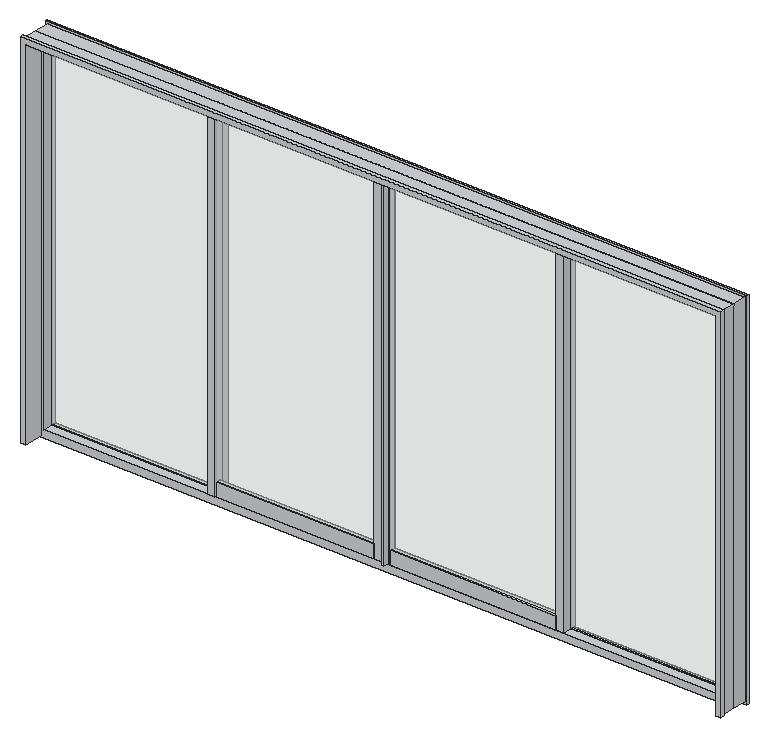
Revit family "APL Residential Thermal Heart Sliding Door FSSF", category Doors, host Wall, Revit 2017
Family settings
  Host = Wall
  OmniClass Number = 23.30.10.00
  OmniClass Title = Doors
  Always vertical = Yes
  Cut with Voids When Loaded = No
  Shared = No
  Room Calculation Point = No
Parameters (values of type "Architrave")
  Rough Width = 4815 mm
  Rough Height = 2500 mm
  Rebate Height [instance] = 69.5 mm
  Rebate [instance] = yes
  Liner Sill = yes
  Liner Head = yes
  Liner End [instance] = 10 mm
  Liner [instance] = 106.7 mm
  Jamb Liner 2 = yes
  Jamb Liner 1 = yes
  Groove [instance] = 10 mm
  Function = Interior
  Frame Width Sill = 15 mm
  Frame Projection Ext. = 13 mm
  Frame Projection Int. = 20 mm
  Frame Width = 17.306 mm
  Height = Rough Height - 12.5 mm  # 2487.5 mm
  Wall Closure = By host
  Width = Rough Width - 15 mm  # 4800 mm
  Reveal Liner = no
  Arrow Opening = yes
  Architrave = yes
  Analytic Construction = "<None>"
Reference planes
  plane 1: y = 0
  plane 2 "Center (Left/Right)": x = -43
  plane 3 "Left": x = -2450.5
  plane 4 "Right": x = 2364.5
  plane 5: z = 2500
  plane 6 "Exterior": y = 100
  plane 7 "Interior": y = -100
  plane 8: x = -1246.75
  plane 9: x = 1160.75
Forms (mm)
  Extrusion 1, solid, visible <- "Architrave"
    sketch origin (0, -100, 0) x (1, 0, 0) y (0, 0, 1)
      loop
        line (-2450.5, 2500) -> (-2450.5, 0) -> (-2422.396, 0) -> (-2422.396, 2471.896) -> (2336.396, 2471.896) -> (2336.396, 0) -> (2364.5, 0) -> (2364.5, 2500) -> (-2450.5, 2500)
    from 0 to -103.35
  Extrusion 2, solid, visible <- "Architrave"
    sketch origin (-60, -100, 0) x (1, 0, 0) y (0, 0, 1)
      loop
        line (-2402, 2511.5) -> (-2402, 0) -> (-2362.396, 0) -> (-2362.396, 2471.896) -> (2396.396, 2471.896) -> (2396.396, -0.049) -> (2436, -0.049) -> (2436, 2511.5) -> (-2402, 2511.5)
    from 19.85 to 0
  Sweep 3, solid, visible <- "Reveal Liner"
    path origin (0, -100, 0) x (1, 0, 0) y (0, 0, 1)
      loop
        line (-2450.5, -0.049) -> (-2450.5, 2500) -> (2364.5, 2500) -> (2364.5, -0.049)
    profile origin (-2450.5, -100, 1249.975) x (-1, 0, 0) y (0, -1, 0)
      loop
        line (-9.104, 19.85) -> (-28.104, 19.85) -> (-28.104, -103.35) -> (0, -103.35) -> (0, -0.15) -> (-14.669, -0.15) -> (-14.669, 9.85) -> (-9.104, 9.85) -> (-9.104, 19.85)
  Extrusion 4, solid
    sketch origin (0, 100, -2.978) x (1, 0, 0) y (0, 0, 1)
      loop
        line (2364.5, 2502.978) -> (-2450.5, 2502.978) -> (-2450.5, 2.978) -> (2364.5, 2.978) -> (2364.5, 2502.978)
      loop
        line (2314, 2451.975) -> (-2400, 2451.975) -> (-2400, 50.478) -> (2314, 50.478) -> (2314, 2451.975)
    from 24.316 to 96.65
  Sweep 5, solid
    path origin (0, 100, 0) x (1, 0, 0) y (0, 0, 1)
      loop
        line (2399.692, 2534.7) -> (-2485.708, 2534.7) -> (-2485.708, -38.2) -> (2399.692, -38.2) -> (2399.692, 2534.7)
    profile origin (-2485.708, 100, 1248.25) x (0, -1, 0) y (1, 0, 0)
      loop
        line (-12.35, 22.708) -> (0, 22.708) -> (0, 42.708) -> (26.25, 42.708) -> (26.25, 66.708) -> (-18.35, 66.708) -> (-18.35, 43.708) -> (-12.35, 37.708) -> (-12.35, 22.708)
  Extrusion 6, solid
    sketch origin (-43, 0, 0) x (0, 1, 0) y (0, 0, 1)
      loop
        line (44.38, 2448.998) -> (9.9, 2448.998) -> (9.9, 2386.995) -> (44.38, 2386.995) -> (44.38, 2448.998)
    from -1174.79 to -82.654
  Extrusion 7, solid
    sketch origin (-43, 0, 2243.4) x (0, 1, 0) y (0, 0, 1)
      loop
        line (45.951, -2195.899) -> (45.951, -2105.099) -> (9.95, -2105.099) -> (9.95, -2195.899) -> (45.951, -2195.899)
    from -1174.79 to -82.654
  Extrusion 8, solid
    sketch origin (0, 0, 0) x (1, 0, 0) y (0, 1, 0)
      loop
        line (-63.024, 45.951) -> (-125.654, 45.951) -> (-125.654, 9.95) -> (-63.024, 9.95) -> (-63.024, 45.951)
    from 47.5 to 2448.998
  Extrusion 9, solid
    sketch origin (0, 0, 0) x (1, 0, 0) y (0, 1, 0)
      loop
        line (-1217.79, 40.65) -> (-1217.79, 16.65) -> (-125.654, 16.65) -> (-125.654, 40.65) -> (-1217.79, 40.65)
    from 138.3 to 2386.995
  Extrusion 10, solid
    sketch origin (0, 0, 0) x (1, 0, 0) y (0, 1, 0)
      loop
        line (-1269.59, 78.85) -> (-1269.59, 102.85) -> (-2400, 102.85) -> (-2400, 78.85) -> (-1269.59, 78.85)
    from 47.5 to 2448.998
  Sweep 11, solid
    path origin (0, 100, 0) x (1, 0, 0) y (0, 0, 1)
      loop
        line (-1269.59, 2449) -> (-2400, 2449) -> (-2400, 47.5) -> (-1269.59, 47.5) -> (-1269.59, 2449)
    profile origin (-2400, 100, 1248.25) x (0, -1, 0) y (1, 0, 0)
      loop
        line (-3.964, 0) -> (-18.35, -14.386) -> (-18.35, -19) -> (24.316, -19) -> (24.316, 0) -> (-3.964, 0)
  Extrusion 12, solid
    sketch origin (-800, 0, 0) x (1, 0, 0) y (0, 1, 0)
      loop
        line (-417.79, 75.684) -> (-469.59, 75.684) -> (-469.59, 3.35) -> (-417.79, 3.35) -> (-417.79, 75.684)
    from 47.5 to 2448.998
  Extrusion 13, solid
    sketch origin (-800, 0, 0) x (1, 0, 0) y (0, 1, 0)
      loop
        line (-450.59, 75.684) -> (-417.79, 75.684) -> (-417.79, 118.35) -> (-450.59, 118.35) -> (-450.59, 75.684)
    from 28.508 to 2468
  Extrusion 14, solid
    sketch origin (-15, 100, -2.978) x (1, 0, 0) y (0, 0, 1)
      loop
        line (2379.5, 2502.978) -> (-2435.5, 2502.978) -> (-2435.5, 2.978) -> (2379.5, 2.978) -> (2379.5, 2502.978)
      loop
        line (2372, 2494.978) -> (-2428, 2494.978) -> (-2428, 7.478) -> (2372, 7.478) -> (2372, 2494.978)
    from 0 to 24.316
  Extrusion 15, solid
    sketch origin (-20.819, 0, 0) x (1, 0, 0) y (0, 1, 0)
      loop
        line (-27.798, -20.155) -> (-11.822, -20.155) -> (-11.822, 9.85) -> (7.185, 9.85) -> (7.185, 45.851) -> (-11.798, 45.851) -> (-11.798, 75.851) -> (-27.798, 75.851) -> (-27.798, 45.851) -> (-42.205, 45.851) -> (-42.205, 9.85) -> (-27.798, 9.85) -> (-27.798, -20.155)
    from 47.5 to 2448.998
  Extrusion 16, solid
    sketch origin (-63.819, 50.27, 0) x (0, 1, 0) y (0, 0, -1)
      loop
        line (-5.62, -2448.998) -> (-5.62, -2386.995) -> (-40.1, -2386.995) -> (-40.1, -2448.998) -> (-5.62, -2448.998)
    from -1195.609 to -50.209
  Extrusion 17, solid
    sketch origin (-63.819, 0, 2243.4) x (0, 1, 0) y (0, 0, -1)
      loop
        line (45.951, 2195.899) -> (9.85, 2195.899) -> (9.85, 2105.099) -> (45.951, 2105.099) -> (45.951, 2195.899)
    from -1195.609 to -50.185
  Extrusion 18, solid
    sketch origin (-127.638, 0, 0) x (-1, 0, 0) y (0, -1, 0)
      loop
        line (-1259.428, -40.65) -> (-114.004, -40.65) -> (-114.004, -16.65) -> (-1259.428, -16.65) -> (-1259.428, -40.65)
    from 138.3 to 2386.995
  Extrusion 19, solid
    sketch origin (-127.638, 0, 0) x (-1, 0, 0) y (0, -1, 0)
      loop
        line (-1311.228, -78.85) -> (-2441.638, -78.85) -> (-2441.638, -102.85) -> (-1311.228, -102.85) -> (-1311.228, -78.85)
    from 47.5 to 2448.998
  Sweep 20, solid
    path origin (-82.3, 100, 0) x (-1, 0, 0) y (0, 0, 1)
      loop
        line (-1262.19, 2452.7) -> (-2400, 2452.7) -> (-2400, 43.755) -> (-1262.19, 43.755) -> (-1262.19, 2452.7)
    profile origin (2317.7, 100, 1248.228) x (0, -1, 0) y (1, 0, 0)
      loop
        line (-3.964, -3.717) -> (24.316, -3.717) -> (24.316, 15.283) -> (-18.35, 15.283) -> (-18.35, 10.67) -> (-3.964, -3.717)
  Extrusion 21, solid
    sketch origin (714, 0, 0) x (-1, 0, 0) y (0, -1, 0)
      loop
        line (-417.79, -75.684) -> (-417.79, -9.9) -> (-469.59, -9.9) -> (-469.59, -75.684) -> (-417.79, -75.684)
    from 47.5 to 2448.998
  Extrusion 22, solid
    sketch origin (714, 0, 0) x (-1, 0, 0) y (0, -1, 0)
      loop
        line (-450.59, -75.684) -> (-450.59, -118.35) -> (-417.79, -118.35) -> (-417.79, -75.684) -> (-450.59, -75.684)
    from 28.508 to 2468
  Sweep 23, solid
    path origin (0, 100, 0) x (1, 0, 0) y (0, 0, 1)
      loop
        line (1131.79, 47.5) -> (-1217.79, 47.5)
    profile origin (-43, 100, 47.5) x (0, 0, -1) y (0, -1, 0)
      loop
        line (19.2, -18.35) -> (19.2, 24.316) -> (-0.007, 24.316) -> (17.666, -18.35) -> (19.2, -18.35)
  Sweep 24, solid
    path origin (0, 100, 2209.498) x (1, 0, 0) y (0, 0, -1)
      loop
        line (1131.79, -239.5) -> (-1217.79, -239.5)
    profile origin (-43, 100, 2448.998) x (0, 0, -1) y (0, -1, 0)
      loop
        line (-19.2, -18.35) -> (-17.666, -18.35) -> (0.007, 24.316) -> (-19.2, 24.316) -> (-19.2, -18.35)
Cuts and joins
  joined: Extrusion 1, Extrusion 2
  joined: Extrusion 4, Sweep 5, Extrusion 14
Lines and regions (mm)
  Opening 1
    outline origin (-5000.306, -100, 0) x (1, 0, 0) y (0, 0, 1)
      loop
        line (7364.806, 2500) -> (2549.806, 2500) -> (2549.806, 0) -> (7364.806, 0) -> (7364.806, 2500)
  symbolic lines, style "DoorsOpeningProjection", visible <- "Arrow Opening"
    curve 1: line (-431.877, 100, 1250) -> (-931.877, 100, 1250)
    curve 2: line (-931.877, 100, 1250) -> (-835.284, 100, 1275.882)
    curve 7: line (277.325, 100, 1250) -> (777.325, 100, 1250)
    curve 8: line (777.325, 100, 1250) -> (680.733, 100, 1275.882)
  symbolic lines, style "DoorsOpeningProjection"
    curve 3: line (-352.799, 164.556, 0) -> (-852.799, 164.556, 0)
    curve 4: line (-852.799, 164.556, 0) -> (-756.206, 190.438, 0)
    curve 5: line (266.799, 164.556, 0) -> (766.799, 164.556, 0)
    curve 6: line (766.799, 164.556, 0) -> (670.206, 190.438, 0)
Text (mm)
  text "Exterior" at (-2295.016, 1652.778, 0), in view "Ref. Level"
  text "Exterior" at (0, 1615.38, 3698.081), in view "Left"
  text "Exterior" at (0, 1036.032, 3874.932), in view "Right"
Dimensions and locks
  equal spacing: plane 3 "Left", plane 2 "Center (Left/Right)", plane 4 "Right"
  "Rough Width": plane 3 "Left" to plane 4 "Right"
  "Rough Height": plane 5 to host wall
  locked: plane 6 "Exterior" to host wall at 0
  locked: plane 7 "Interior" to host wall
  equal spacing: level, curve 7, plane 5
  level to nested 2 = 4.5 mm
  locked: nested 2 to plane 5 at 8
  equal spacing: level, curve 1, plane 5
  locked: plane 3 "Left" to nested 1 at 7.5
  nested 1 to plane 4 "Right" = 7.5 mm
  locked: Extrusion 8 to plane 5 at 51.002
  locked: Extrusion 6 to plane 5 at 113.005
  locked: Sweep 11 to plane 5 at 51
  locked: cut or joined group of Extrusion 4, Sweep 5, Extrusion 14 to cut or joined group of Extrusion 4, Sweep 5, Extrusion 14 at 50.5
  locked: plane 3 "Left" to cut or joined group of Extrusion 4, Sweep 5, Extrusion 14 at 50.5
  locked: cut or joined group of Extrusion 4, Sweep 5, Extrusion 14 to plane 3 "Left" at 12.5
  locked: plane 3 "Left" to Sweep 11 at 31.5
  locked: cut or joined group of Extrusion 1, Extrusion 2 to cut or joined group of Extrusion 1, Extrusion 2 at 28.104  (x2)
  locked: cut or joined group of Extrusion 4, Sweep 5, Extrusion 14 to plane 6 "Exterior" at 96.65
  cut or joined group of Extrusion 4, Sweep 5, Extrusion 14 to Extrusion 8 to Extrusion 9 to Extrusion 9 to Extrusion 8 to cut or joined group of Extrusion 4, Sweep 5, Extrusion 14 to plane 6 "Exterior" = 6.6 mm locked, 6.7 mm locked, 24 mm locked, 5.301 mm locked, 29.733 mm, 24.316 mm
  locked: cut or joined group of Extrusion 4, Sweep 5, Extrusion 14 to plane 4 "Right" at 50.5
  plane 6 "Exterior" to Extrusion 6 to Extrusion 6 = 55.62 mm locked, 34.48 mm locked
  locked: Extrusion 13 to plane 5 at 32
  locked: curve 3 to curve 3 at 500
  locked: curve 4 to curve 4 at 100
  locked: curve 5 to curve 5 at 500
  locked: curve 6 to curve 6 at 100
  locked: Extrusion 18 to Extrusion 18 at 24
  locked: Extrusion 16 to Extrusion 16 at 34.48
  plane 2 "Center (Left/Right)" to Extrusion 15 to Extrusion 15 = 10.359 mm, 19.007 mm locked
  equal spacing: plane 3 "Left", plane 8, plane 2 "Center (Left/Right)"
  equal spacing: plane 2 "Center (Left/Right)", plane 9, plane 4 "Right"
  Extrusion 12 to plane 8 to Extrusion 12 = 22.84 mm locked, 28.96 mm locked
  Extrusion 21 to plane 9 to Extrusion 21 = 28.96 mm locked, 22.84 mm locked
  equal spacing: curve 3, plane 2 "Center (Left/Right)", curve 5
  Extrusion 8 to plane 2 "Center (Left/Right)" to Extrusion 15 = 82.654 mm locked, 29.366 mm locked
  curve 7 to curve 7 = 500 mm
  locked: curve 1 to curve 1 at 500
  locked: curve 8 to curve 8 at 100
  curve 2 to curve 2 = 100 mm
  locked: Extrusion 15 to plane 2 "Center (Left/Right)" at 20.024
  locked: cut or joined group of Extrusion 4, Sweep 5, Extrusion 14 to Extrusion 21 at 6.55
  locked: cut or joined group of Extrusion 4, Sweep 5, Extrusion 14 to Extrusion 15 at 6.5  (x2)
  locked: Extrusion 15 to Extrusion 15 at 36.001  (x2)
  locked: Extrusion 15 to Extrusion 15 at 30.005
  locked: Extrusion 17 to Extrusion 18 at 6.8
  locked: Extrusion 6 to Extrusion 9 at 3.73
  locked: Extrusion 16 to Extrusion 9 at 4
  locked: Extrusion 18 to plane 5 at 113.005
  locked: Extrusion 16 to plane 5 at 51.002
  locked: Extrusion 15 to plane 5 at 51.002
  locked: Extrusion 22 to plane 5 at 32
  locked: curve 3 to curve 4 (angle 15.00°)
  locked: curve 6 to curve 5 (angle 15.00°)
  locked: curve 7 to curve 8 (angle 15.00°)
  locked: curve 2 to curve 1 (angle 15.00°)
  aligned and locked: host wall to plane 1
  aligned and locked: Extrusion 6 to Extrusion 9
  aligned and locked: Extrusion 14 to level
  aligned and locked: Extrusion 9 to Extrusion 6
  aligned and locked: Extrusion 6 to Extrusion 10
  aligned and locked: Extrusion 6 to Extrusion 8
  aligned and locked: Extrusion 7 to Extrusion 8
  aligned and locked: cut or joined group of Extrusion 4, Sweep 5, Extrusion 14 to Extrusion 12
  aligned and locked: Sweep 3 sketch curve to cut or joined group of Extrusion 4, Sweep 5, Extrusion 14
  aligned and locked: Extrusion 14 to Extrusion 4
  aligned and locked: Extrusion 1 to Sweep 3  (x2)
  aligned and locked: Extrusion 1 to level
  aligned and locked: Extrusion 1 to Extrusion 2
  aligned and locked: Extrusion 12 to Extrusion 6
  aligned and locked: Extrusion 18 to Extrusion 16
  aligned and locked: Extrusion 16 to Extrusion 18
  aligned and locked: Extrusion 16 to Extrusion 19
  aligned and locked: Extrusion 16 to Extrusion 21
  aligned and locked: Extrusion 17 to Extrusion 7
  aligned and locked: Extrusion 17 to Extrusion 18
  aligned and locked: Extrusion 7 to Extrusion 9
  aligned and locked: Extrusion 18 to Extrusion 21
  aligned and locked: Extrusion 7 to Extrusion 12
  aligned and locked: Extrusion 17 to Extrusion 8
  aligned and locked: Extrusion 15 to Extrusion 17
Automatic sketch dimensions
  host wall to curve 3 = 64.556 mm
  plane 8 to curve 3 = 393.951 mm
  host wall to curve 6 = 64.556 mm
  plane 8 to curve 1 = 314.873 mm
  curve 8 to plane 9 = 383.425 mm
  plane 3 "Left" to Opening 1 sketch curve = 0 mm
  Opening 1 sketch curve to level = 0 mm
  plane 4 "Right" to Opening 1 sketch curve = 0 mm
  Opening 1 sketch curve to plane 5 = 0 mm
  plane 3 "Left" to Sweep 3 sketch curve = 0 mm
  plane 4 "Right" to Sweep 3 sketch curve = 0 mm
  Sweep 3 sketch curve to plane 5 = 0 mm
  Sweep 3 sketch curve to level = 0.049 mm  (x2)
  plane 3 "Left" to Extrusion 4 sketch curve = 0 mm
  plane 4 "Right" to Extrusion 4 sketch curve = 0 mm
  Extrusion 4 sketch curve to level = 0 mm
  Extrusion 4 sketch curve to plane 5 = 0 mm
  Extrusion 4 sketch curve to plane 3 "Left" = 50.5 mm
  plane 4 "Right" to Extrusion 4 sketch curve = 50.5 mm
  level to Extrusion 4 sketch curve = 47.5 mm
  plane 5 to Extrusion 4 sketch curve = 51.002 mm
  plane 3 "Left" to Sweep 5 sketch curve = 35.208 mm
  Sweep 5 sketch curve to plane 4 "Right" = 35.192 mm
  Sweep 5 sketch curve to level = 38.2 mm
  Sweep 5 sketch curve to plane 5 = 34.7 mm
  Sweep 5 sketch curve to plane 6 "Exterior" = 0 mm
  Sweep 5 sketch curve to Sweep 5 sketch curve = 12.35 mm
  Sweep 5 sketch curve to plane 6 "Exterior" = 18.35 mm
  plane 6 "Exterior" to Sweep 5 sketch curve = 26.25 mm
  Sweep 5 sketch curve to profile plane = 22.708 mm
  Sweep 5 sketch curve to Sweep 5 sketch curve = 15 mm
  Sweep 5 sketch curve to Sweep 5 sketch curve = 20 mm
  Sweep 5 sketch curve to Sweep 5 sketch curve = 6 mm
  Sweep 5 sketch curve to Sweep 5 sketch curve = 23 mm
  Extrusion 6 sketch curve to host wall = 9.9 mm
  Extrusion 6 sketch curve to Extrusion 6 sketch curve = 34.48 mm
  plane 5 to Extrusion 6 sketch curve = 113.005 mm
  plane 5 to Extrusion 6 sketch curve = 51.002 mm
  Extrusion 10 sketch curve to host wall = 21.15 mm
  Extrusion 10 sketch curve to plane 3 "Left" = 50.5 mm
  host wall to Extrusion 10 sketch curve = 2.85 mm
  Extrusion 10 sketch curve to plane 8 = 22.84 mm
  Sweep 11 sketch curve to plane 3 "Left" = 50.5 mm
  Sweep 11 sketch curve to plane 8 = 22.84 mm
  level to Sweep 11 sketch curve = 47.5 mm
  plane 5 to Sweep 11 sketch curve = 51 mm
  Sweep 11 sketch curve to profile plane = 0 mm
  Sweep 11 sketch curve to plane 6 "Exterior" = 18.35 mm
  Sweep 11 sketch curve to plane 6 "Exterior" = 3.964 mm
  plane 6 "Exterior" to Sweep 11 sketch curve = 24.316 mm
  profile plane to Sweep 11 sketch curve = 14.386 mm
  Sweep 11 sketch curve to Sweep 11 sketch curve = 19 mm
  Extrusion 13 sketch curve to plane 8 = 3.84 mm
  plane 8 to Extrusion 13 sketch curve = 28.96 mm
  Extrusion 13 sketch curve to host wall = 24.316 mm
  host wall to Extrusion 13 sketch curve = 18.35 mm
  plane 3 "Left" to Extrusion 14 sketch curve = 0 mm
  plane 4 "Right" to Extrusion 14 sketch curve = 0 mm
  Extrusion 14 sketch curve to level = 0 mm
  Extrusion 14 sketch curve to plane 5 = 0 mm
  Extrusion 14 sketch curve to plane 3 "Left" = 7.5 mm
  plane 4 "Right" to Extrusion 14 sketch curve = 7.5 mm
  level to Extrusion 14 sketch curve = 4.5 mm
  plane 5 to Extrusion 14 sketch curve = 8 mm
  Extrusion 16 sketch curve to host wall = 10.17 mm
  Extrusion 16 sketch curve to Extrusion 16 sketch curve = 34.48 mm
  plane 5 to Extrusion 16 sketch curve = 51.002 mm
  Extrusion 16 sketch curve to Extrusion 16 sketch curve = 62.003 mm
  Extrusion 18 sketch curve to plane 9 = 28.96 mm
  plane 2 "Center (Left/Right)" to Extrusion 18 sketch curve = 29.366 mm
  Extrusion 18 sketch curve to host wall = 40.65 mm
  Extrusion 18 sketch curve to host wall = 16.65 mm
  Extrusion 19 sketch curve to host wall = 21.15 mm
  plane 4 "Right" to Extrusion 19 sketch curve = 50.5 mm
  host wall to Extrusion 19 sketch curve = 2.85 mm
  plane 9 to Extrusion 19 sketch curve = 22.84 mm
  Sweep 20 sketch curve to plane 4 "Right" = 46.8 mm
  Sweep 20 sketch curve to plane 9 = 19.14 mm
  Sweep 20 sketch curve to level = 43.755 mm
  Sweep 20 sketch curve to plane 5 = 47.3 mm
  Sweep 20 sketch curve to plane 6 "Exterior" = 18.35 mm
  Sweep 20 sketch curve to plane 6 "Exterior" = 3.964 mm
  profile plane to Sweep 20 sketch curve = 3.717 mm
  plane 6 "Exterior" to Sweep 20 sketch curve = 24.316 mm
  Sweep 20 sketch curve to profile plane = 10.67 mm
  Sweep 20 sketch curve to Sweep 20 sketch curve = 4.614 mm
  plane 9 to Extrusion 21 sketch curve = 22.84 mm
  Extrusion 21 sketch curve to host wall = 9.9 mm
  Extrusion 21 sketch curve to plane 9 = 28.96 mm
  Extrusion 21 sketch curve to host wall = 24.316 mm
  plane 9 to Extrusion 22 sketch curve = 3.84 mm
  Extrusion 22 sketch curve to plane 9 = 28.96 mm
  host wall to Extrusion 22 sketch curve = 18.35 mm
  Extrusion 22 sketch curve to host wall = 24.316 mm
  plane 8 to Sweep 23 sketch curve = 28.96 mm
  level to Sweep 23 sketch curve = 47.5 mm
  Sweep 23 sketch curve to plane 9 = 28.96 mm
  profile plane to Sweep 23 sketch curve = 0.007 mm
  Sweep 23 sketch curve to profile plane = 17.666 mm
  Sweep 23 sketch curve to profile plane = 19.2 mm
  Sweep 23 sketch curve to plane 6 "Exterior" = 18.35 mm
  plane 6 "Exterior" to Sweep 23 sketch curve = 24.316 mm
  Sweep 24 sketch curve to plane 8 = 28.96 mm
  Sweep 24 sketch curve to plane 5 = 51.002 mm
  plane 9 to Sweep 24 sketch curve = 28.96 mm
  profile plane to Sweep 24 sketch curve = 19.2 mm
  Sweep 24 sketch curve to Sweep 24 sketch curve = 1.534 mm
  Sweep 24 sketch curve to profile plane = 0.007 mm
  Sweep 24 sketch curve to plane 6 "Exterior" = 18.35 mm
  plane 6 "Exterior" to Sweep 24 sketch curve = 24.316 mm
  Extrusion 1 sketch curve to level = 0 mm  (x2)
  plane 3 "Left" to Extrusion 1 sketch curve = 0 mm
  plane 4 "Right" to Extrusion 1 sketch curve = 0 mm
  Extrusion 1 sketch curve to plane 5 = 0 mm
  Extrusion 1 sketch curve to plane 3 "Left" = 28.104 mm
  plane 4 "Right" to Extrusion 1 sketch curve = 28.104 mm
  plane 5 to Extrusion 1 sketch curve = 28.104 mm
  Extrusion 2 sketch curve to level = 0 mm
  plane 3 "Left" to Extrusion 2 sketch curve = 11.5 mm
  Extrusion 2 sketch curve to plane 3 "Left" = 28.104 mm
  plane 4 "Right" to Extrusion 2 sketch curve = 28.104 mm
  Extrusion 2 sketch curve to plane 4 "Right" = 11.5 mm
  Extrusion 2 sketch curve to level = 0.049 mm
  plane 5 to Extrusion 2 sketch curve = 28.104 mm
  Extrusion 2 sketch curve to plane 5 = 11.5 mm
  Sweep 3 sketch curve to profile plane = 0 mm
  profile plane to Sweep 3 sketch curve = 9.104 mm
  Sweep 3 sketch curve to Sweep 3 sketch curve = 5.565 mm
  profile plane to Sweep 3 sketch curve = 28.104 mm
  Sweep 3 sketch curve to plane 7 "Interior" = 0.15 mm
  plane 7 "Interior" to Sweep 3 sketch curve = 9.85 mm
  Sweep 3 sketch curve to Sweep 3 sketch curve = 10 mm
  host wall to Extrusion 7 sketch curve = 9.95 mm
  Extrusion 7 sketch curve to Extrusion 7 sketch curve = 36.001 mm
  Extrusion 7 sketch curve to level = 138.3 mm
  Extrusion 7 sketch curve to level = 47.5 mm
  Extrusion 8 sketch curve to plane 2 "Center (Left/Right)" = 82.654 mm
  Extrusion 8 sketch curve to host wall = 9.95 mm
  Extrusion 8 sketch curve to plane 2 "Center (Left/Right)" = 20.024 mm
  Extrusion 8 sketch curve to Extrusion 8 sketch curve = 36.001 mm
  plane 8 to Extrusion 9 sketch curve = 28.96 mm
  Extrusion 9 sketch curve to host wall = 16.65 mm
  Extrusion 9 sketch curve to plane 2 "Center (Left/Right)" = 82.654 mm
  Extrusion 9 sketch curve to Extrusion 9 sketch curve = 24 mm
  Extrusion 12 sketch curve to plane 8 = 22.84 mm
  Extrusion 12 sketch curve to host wall = 3.35 mm
  plane 8 to Extrusion 12 sketch curve = 28.96 mm
  Extrusion 12 sketch curve to host wall = 24.316 mm
  Extrusion 17 sketch curve to host wall = 9.85 mm
  Extrusion 17 sketch curve to Extrusion 17 sketch curve = 36.101 mm
  level to Extrusion 17 sketch curve = 138.3 mm
  level to Extrusion 17 sketch curve = 47.5 mm
  Extrusion 15 sketch curve to host wall = 9.85 mm  (x2)
  Extrusion 15 sketch curve to plane 2 "Center (Left/Right)" = 20.024 mm
  Extrusion 15 sketch curve to plane 2 "Center (Left/Right)" = 5.617 mm  (x2)
  plane 2 "Center (Left/Right)" to Extrusion 15 sketch curve = 10.359 mm
  plane 2 "Center (Left/Right)" to Extrusion 15 sketch curve = 10.383 mm
  Extrusion 15 sketch curve to Extrusion 15 sketch curve = 18.983 mm
  host wall to Extrusion 15 sketch curve = 20.155 mm
  Extrusion 15 sketch curve to Extrusion 15 sketch curve = 36.001 mm
  Extrusion 15 sketch curve to Extrusion 15 sketch curve = 0 mm
  Extrusion 15 sketch curve to host wall = 24.149 mm
Nested families
  nested 1: "APL Residential Thermal Heart Sliding Door FSSF Horizontal Section" at (-1942.917, 157.796, -15.492), Box Width <- "Width", Groove <- "Groove", Liner End <- "Liner End", Liner <- "Liner", type "Groove Liner"
    with Liner End 10 mm, Liner 106.7 mm, Groove 10 mm, Glass Length 1104 mm, Glass Fixed Length 1156 mm, Box Width 4800 mm
  nested 2: "APL Residential Thermal Heart Sliding Door FSSF Vertical Section" at (-2463, -277.596, 127.897) x (0, -1, 0) z (1, 0, 0), Box Height <- "Height", Liner <- "Liner", Groove <- "Groove", Liner End <- "Liner End", type "Groove Liner"
    with Liner End 10 mm, Liner 106.7 mm, Groove 10 mm, Glass Length 2269.6 mm, Box Height 2487.5 mm
Definition of nested family "APL Residential Thermal Heart Sliding Door FSSF Horizontal Section"
  Parameters (values of type "Groove Liner")
    Liner End [instance] = 10 mm
    Liner Block = Liner : Liner
    Liner [instance] = 100 mm
    Groove [instance] = 10 mm
    Glass Length [instance] = (Box Width / 4) - 96 mm  # 154 mm
    Glass Fixed Length [instance] = (Box Width / 4) - 44 mm  # 206 mm
    Box Width [instance] = 1000 mm
  Types (2, lengths in mm): name | Liner Block | Glass Length | Glass Fixed Length | Box Width
    Groove Liner | Liner : Liner | 154 | 206 | 1000
    Liner | Liner No Groove : Liner No Groove | 29 | 81 | 500
  Reference planes
    plane 1 "Center (Front/Back)": y = 39.446
    plane 2: z = 0
    plane 3 "Center (Left/Right)": x = -0.083
    plane 4: x = -500.083
    plane 5: x = 499.917
    plane 6: y = 150.946
    plane 7: y = 150.946
    plane 8: x = -250.083
    plane 9: x = 249.917
    plane 10: x = -505.083
    plane 11: y = 57.796
    plane 12: y = 52.796
  Dimensions and locks
    equal spacing: plane 4, plane 3 "Center (Left/Right)", plane 5
    "Box Width": plane 4 to plane 5
    "Liner": plane 6 to nested 1
    "Liner": plane 7 to nested 2
    locked: nested 6 to nested 3 at 6.324
    locked: nested 3 to nested 7 at 6
    locked: nested 4 to nested 5 at 6.351
    locked: nested 4 to nested 5 at 30.351
    locked: nested 1 to nested 4 at 22.397
    locked: nested 4 to nested 4 at 43
    locked: nested 9 to nested 2 at 22.397
    locked: nested 12 to nested 10 at 6.324
    locked: nested 10 to nested 13 at 6
    nested 11 to nested 9 = 6.4 mm
    locked: nested 8 to nested 15 at 6
    locked: nested 15 to nested 14 at 6
    nested 10 to plane 9 to nested 10 = 25.41 mm locked, 26.59 mm locked
    nested 13 to plane 9 to nested 12 = 12.408 mm locked, 13.915 mm locked
    nested 6 to plane 8 to nested 7 = 13.915 mm locked, 12.408 mm locked
    locked: nested 11 to plane 5 at 30.4
    equal spacing: plane 4, plane 8, plane 3 "Center (Left/Right)"
    equal spacing: plane 3 "Center (Left/Right)", plane 9, plane 5
    plane 10 to plane 4 = 5 mm
    locked: plane 11 to nested 4 at 5
    nested 8 to plane 3 "Center (Left/Right)" to nested 14 = 69.673 mm locked, 16.385 mm locked
    nested 15 to plane 3 "Center (Left/Right)" to nested 15 = 82.678 mm locked, 29.39 mm locked
    aligned and locked: plane 7 to nested 2
    aligned and locked: plane 5 to nested 9
    aligned and locked: plane 4 to nested 4
    aligned and locked: nested 4 to plane 12
  Nested families
    nested 1: "Liner" at (-479.48, 150.946, 0) x (0, 1, 0) z (0, 0, 1), type <- "Liner Block", type "Liner", in view "Ref. Level", detail levels fine
      with built-in parameter 1001306 0.32808 (stored number, unit not read)
    nested 2: "Liner" at (479.313, 150.946, 0) x (0, 1, 0) z (0, 0, 1), type <- "Liner Block", type "Liner", in view "Ref. Level", detail levels fine
      with built-in parameter 1001306 0.32808 (stored number, unit not read)
    nested 3: "Interlocker" at (-250.083, 109.946, 0), type "Interlocker", in view "Ref. Level", detail levels fine
    nested 4: "Jamb Fixed" at (-500.083, 39.446, 0), type "Jamb Fixed", in view "Ref. Level", detail levels fine
    nested 5: "Glazing Bead" at (-469.732, 54.946, 0) x (0, 1, 0) z (0, 0, 1), Glass Lenght <- "Glass Fixed Length", type "Glazing Bead", in view "Ref. Level", detail levels fine
      with Glass Lenght 206 mm
    nested 6: "Glazing Bead" at (-263.998, 54.946, 0) x (0, 1, 0) z (0, 0, 1), Glass Lenght <- "Glass Fixed Length", type "Glazing Bead", in view "Ref. Level", detail levels fine
      with Glass Lenght 206 mm
    nested 7: "Glass" at (-237.676, 117.147, 0) x (0, 1, 0) z (0, 0, 1), Glass Lenght <- "Glass Length", type "Glass", in view "Ref. Level", detail levels fine
      with Glass Lenght 154 mm
    nested 8: "Glass" at (-69.757, 117.147, 0) x (0, 1, 0) z (0, 0, 1), Glass Lenght <- "Glass Length", type "Glass", in view "Ref. Level", detail levels fine
      with Glass Lenght 154 mm
    nested 9: "Jamb Fixed" at (499.917, 39.446, 0) x (-1, 0, 0) z (0, 0, 1), type "Jamb Fixed", in view "Ref. Level", detail levels fine
    nested 10: "Interlocker" at (249.917, 109.946, 0) x (-1, 0, 0) z (0, 0, 1), type "Interlocker", in view "Ref. Level", detail levels fine
    nested 11: "Glazing Bead" at (469.517, 54.946, 0) x (0, 1, 0) z (0, 0, 1), Glass Lenght <- "Glass Fixed Length", type "Glazing Bead", in view "Ref. Level", detail levels fine
      with Glass Lenght 206 mm
    nested 12: "Glazing Bead" at (263.831, 54.946, 0) x (0, 1, 0) z (0, 0, 1), Glass Lenght <- "Glass Fixed Length", type "Glazing Bead", in view "Ref. Level", detail levels fine
      with Glass Lenght 206 mm
    nested 13: "Glass" at (237.509, 117.147, 0) x (0, 1, 0) z (0, 0, 1), Glass Lenght <- "Glass Length", type "Glass", in view "Ref. Level", detail levels fine
      with Glass Lenght 154 mm
    nested 14: "Glass" at (16.302, 117.147, 0) x (0, 1, 0) z (0, 0, 1), Glass Lenght <- "Glass Length", type "Glass", in view "Ref. Level", detail levels fine
      with Glass Lenght 154 mm
    nested 15: "Jointer Stiles" at (-20.083, 131.847, 0), type "Jointer Stiles", in view "Ref. Level", detail levels medium+fine
  Definition of nested family "Liner"
    Parameters (values of type "Liner")
      Type Image = (empty or 0)
      built-in parameter 1001306 [instance] = 100 mm
      Groove [instance] = 10 mm
      End Liner [instance] = 10 mm
    Reference planes
      plane 1 "Center (Front/Back)": y = 0
      plane 2: z = 0
      plane 3 "Left": x = 0
      plane 4 "Right": x = 100
    Lines and regions (mm)
      Filled region 1, type "Brick", in view "Ref. Level"
        outline origin (0, 0, 0) x (1, 0, 0) y (0, 1, 0)
          loop
            line (0, 0) -> (120, 0) -> (120, 19) -> (110, 19) -> (110, 13.435) -> (100, 13.435) -> (100, 19) -> (0, 19) -> (0, 0)
      reference lines, in view "Ref. Level"
        curve 1: line (0, 0, 0) -> (100, 0, 0)
      detail lines, in view "Ref. Level", detail levels fine
        curve 2: line (100, 0, 0) -> (0, 0, 0)
    Dimensions and locks
      "built-in parameter 1001306": plane 3 "Left" to plane 4 "Right"
      locked: Filled region 1 to curve 2 at 19
      "Groove": plane 4 "Right" to Filled region 1
      "End Liner": Filled region 1 to Filled region 1
      aligned and locked: plane 1 "Center (Front/Back)" to curve 1
      aligned and locked: plane 3 "Left" to curve 1
      aligned and locked: plane 4 "Right" to curve 1
      aligned and locked: curve 1 to Filled region 1
      aligned and locked: plane 1 "Center (Front/Back)" to Filled region 1
      aligned and locked: Filled region 1 to plane 3 "Left"
    Automatic sketch dimensions
      curve 2 to plane 4 "Right" = 0 mm
      Filled region 1 sketch curve to plane 3 "Left" = 0 mm
      Filled region 1 sketch curve to plane 4 "Right" = 0 mm
      Filled region 1 sketch curve to Filled region 1 sketch curve = 10 mm  (x2)
      Filled region 1 sketch curve to plane 1 "Center (Front/Back)" = 0 mm
      Filled region 1 sketch curve to plane 1 "Center (Front/Back)" = 13.435 mm
      Filled region 1 sketch curve to Filled region 1 sketch curve = 5.565 mm  (x2)
      curve 2 to plane 3 "Left" = 0 mm
  Definition of nested family "Interlocker"
    Reference planes
      plane 1 "Center (Front/Back)": y = 0
      plane 2: z = 0
      plane 3 "Center (Left/Right)": x = 0
    Lines and regions (mm)
      detail lines, in view "Ref. Level"
        curve 1: arc (-27.946, -29.718, 0) -> (-28.086, -30.028, 0) -> (-27.787, -30.191, 0) r 0.25
        curve 2: arc (-17.899, -30.164, 0) -> (-17.6, -30.002, 0) -> (-17.74, -29.692, 0) r 0.25
        curve 3: line (-27.787, -30.191, 0) -> (-23.919, -29.197, 0)
        curve 4: line (-23.919, -29.197, 0) -> (-23.34, -30.2, 0)
        curve 5: line (-23.34, -30.2, 0) -> (-22.34, -30.2, 0)
        curve 6: line (-22.34, -30.2, 0) -> (-21.748, -29.175, 0)
        curve 7: line (-21.748, -29.175, 0) -> (-17.899, -30.164, 0)
        curve 8: line (-17.74, -29.692, 0) -> (-21.84, -27.968, 0)
        curve 9: line (-21.84, -27.968, 0) -> (-21.84, -26.7, 0)
        curve 10: line (-21.84, -26.7, 0) -> (-20.59, -26.7, 0)
        curve 11: line (-20.59, -26.7, 0) -> (-20.59, -25.7, 0)
        curve 12: line (-20.59, -25.7, 0) -> (-25.09, -25.7, 0)
        curve 13: line (-25.09, -25.7, 0) -> (-25.09, -26.7, 0)
        curve 14: line (-25.09, -26.7, 0) -> (-23.84, -26.7, 0)
        curve 15: line (-23.84, -26.7, 0) -> (-23.84, -27.992, 0)
        curve 16: line (-23.84, -27.992, 0) -> (-27.946, -29.718, 0)
      detail lines, in view "Ref. Level", not visible
        curve 17: arc (33.161, -9.933, 0) -> (32.851, -9.793, 0) -> (32.689, -10.092, 0) r 0.25
        curve 18: arc (32.715, -19.98, 0) -> (32.877, -20.279, 0) -> (33.188, -20.139, 0) r 0.25
        curve 19: line (32.689, -10.092, 0) -> (33.683, -13.959, 0)
        curve 20: line (33.683, -13.959, 0) -> (32.679, -14.539, 0)
        curve 21: line (32.679, -14.539, 0) -> (32.679, -15.539, 0)
        curve 22: line (32.679, -15.539, 0) -> (33.705, -16.131, 0)
        curve 23: line (33.705, -16.131, 0) -> (32.715, -19.98, 0)
        curve 24: line (33.188, -20.139, 0) -> (34.912, -16.039, 0)
        curve 25: line (34.912, -16.039, 0) -> (36.179, -16.039, 0)
        curve 26: line (36.179, -16.039, 0) -> (36.179, -17.289, 0)
        curve 27: line (36.179, -17.289, 0) -> (37.179, -17.289, 0)
        curve 28: line (37.179, -17.289, 0) -> (37.179, -12.789, 0)
        curve 29: line (37.179, -12.789, 0) -> (36.179, -12.789, 0)
        curve 30: line (36.179, -12.789, 0) -> (36.179, -14.039, 0)
        curve 31: line (36.179, -14.039, 0) -> (34.887, -14.039, 0)
        curve 32: line (34.887, -14.039, 0) -> (33.161, -9.933, 0)
    Nested families
      nested 1: "65500_Interlocker Stile" at (-26.59, -6.05, 0) x (-1, 0, 0) z (0, 0, 1), type "65500_Interlocker Stile", in view "Ref. Level"
      nested 2: "65420_Interlocker Mullion" at (25.41, -70.5, 0), type "65420_Interlocker Mullion", in view "Ref. Level"
    Definition of nested family "65500_Interlocker Stile"
      Reference planes
        plane 1 "Center (Front/Back)": y = 0
        plane 2: z = 0
        plane 3 "Center (Left/Right)": x = 0
      Lines and regions (mm)
        model lines, in view "Ref. Level"
          curve 1: arc (-13.564, 1.218, 0) -> (-13.278, 1.262, 0) -> (-13.162, 1.526, 0) r 0.3
          curve 2: arc (-13.369, 3.892, 0) -> (-13.396, 3.992, 0) -> (-13.456, 4.078, 0) r 0.3
          curve 3: arc (-13.819, 4.441, 0) -> (-14.013, 4.493, 0) -> (-14.154, 4.352, 0) r 0.2
          curve 4: arc (-14.199, 4.184, 0) -> (-14.251, 4.095, 0) -> (-14.34, 4.043, 0) r 0.2
          curve 5: arc (-16.561, 3.5, 0) -> (-16.841, 3.693, 0) -> (-16.761, 4.024, 0) r 0.3
          curve 6: arc (-16.761, 4.024, 0) -> (-16.687, 4.125, 0) -> (-16.661, 4.247, 0) r 0.3
          curve 7: arc (-16.855, 8.25, 0) -> (-16.819, 8.422, 0) -> (-16.661, 8.5, 0) r 0.2
          curve 8: arc (-16.14, 8.5, 0) -> (-16.059, 8.489, 0) -> (-15.983, 8.456, 0) r 0.3
          curve 9: arc (-14.73, 7.691, 0) -> (-14.733, 7.521, 0) -> (-14.627, 7.389, 0) r 0.25
          curve 10: arc (-14.541, 7.337, 0) -> (-14.289, 7.332, 0) -> (-14.161, 7.549, 0) r 0.25
          curve 11: arc (-14.161, 7.8, 0) -> (-14.102, 7.941, 0) -> (-13.961, 8, 0) r 0.2
          curve 12: arc (-13.688, 8, 0) -> (-13.573, 8.036, 0) -> (-13.5, 8.132, 0) r 0.2
          curve 13: arc (-13.266, 8.775, 0) -> (-13.244, 8.859, 0) -> (-13.236, 8.946, 0) r 0.5
          curve 14: arc (-13.236, 9.9, 0) -> (-13.382, 10.254, 0) -> (-13.736, 10.4, 0) r 0.5
          curve 15: arc (-24.052, 10.4, 0) -> (-24.41, 10.544, 0) -> (-24.559, 10.9, 0) r 0.5
          curve 16: arc (-24.559, 14.446, 0) -> (-24.704, 14.802, 0) -> (-25.059, 14.95, 0) r 0.5
          curve 17: arc (-27.408, 14.95, 0) -> (-27.627, 14.823, 0) -> (-27.622, 14.57, 0) r 0.25
          curve 18: arc (-27.57, 14.484, 0) -> (-27.437, 14.378, 0) -> (-27.268, 14.381, 0) r 0.25
          curve 19: arc (-26.503, 13.127, 0) -> (-26.47, 13.052, 0) -> (-26.459, 12.971, 0) r 0.3
          curve 20: arc (-26.459, 12.45, 0) -> (-26.536, 12.292, 0) -> (-26.709, 12.256, 0) r 0.2
          curve 21: arc (-30.711, 12.45, 0) -> (-30.834, 12.424, 0) -> (-30.935, 12.35, 0) r 0.3
          curve 22: arc (-30.935, 12.35, 0) -> (-31.266, 12.27, 0) -> (-31.459, 12.55, 0) r 0.3
          curve 23: arc (-30.916, 14.771, 0) -> (-30.864, 14.86, 0) -> (-30.774, 14.912, 0) r 0.2
          curve 24: arc (-30.607, 14.957, 0) -> (-30.465, 15.098, 0) -> (-30.517, 15.291, 0) r 0.2
          curve 25: arc (-30.881, 15.655, 0) -> (-30.966, 15.715, 0) -> (-31.067, 15.742, 0) r 0.3
          curve 26: arc (-33.432, 15.949, 0) -> (-33.697, 15.833, 0) -> (-33.741, 15.547, 0) r 0.3
          curve 27: arc (-33.227, 14.137, 0) -> (-33.14, 14.011, 0) -> (-33.002, 13.945, 0) r 0.3
          curve 28: arc (-33.002, 13.945, 0) -> (-32.759, 13.672, 0) -> (-32.959, 13.367, 0) r 0.3
          curve 29: arc (-32.959, 12.624, 0) -> (-33.017, 12.482, 0) -> (-33.159, 12.424, 0) r 0.2
          curve 30: arc (-35.159, 12.424, 0) -> (-35.512, 12.277, 0) -> (-35.659, 11.924, 0) r 0.5
          curve 31: arc (-35.659, 10.05, 0) -> (-35.717, 9.908, 0) -> (-35.859, 9.85, 0) r 0.2
          curve 32: arc (-45.581, 9.85, 0) -> (-45.935, 9.996, 0) -> (-46.081, 10.349, 0) r 0.499
          curve 33: arc (-46.081, 10.75, 0) -> (-45.935, 11.104, 0) -> (-45.581, 11.25, 0) r 0.5
          curve 34: arc (-44.831, 11.25, 0) -> (-44.69, 11.309, 0) -> (-44.631, 11.45, 0) r 0.2
          curve 35: arc (-44.631, 12.05, 0) -> (-44.69, 12.191, 0) -> (-44.831, 12.25, 0) r 0.2
          curve 36: arc (-47.931, 12.25, 0) -> (-48.072, 12.191, 0) -> (-48.131, 12.05, 0) r 0.2
          curve 37: arc (-48.131, 11.45, 0) -> (-48.072, 11.309, 0) -> (-47.931, 11.25, 0) r 0.2
          curve 38: arc (-47.581, 11.25, 0) -> (-47.44, 11.191, 0) -> (-47.381, 11.05, 0) r 0.2
          curve 39: arc (-47.381, 10.45, 0) -> (-47.44, 10.309, 0) -> (-47.581, 10.25, 0) r 0.2
          curve 40: arc (-47.931, 10.25, 0) -> (-48.072, 10.191, 0) -> (-48.131, 10.05, 0) r 0.2
          curve 41: arc (-48.131, 9.749, 0) -> (-48.277, 9.395, 0) -> (-48.631, 9.249, 0) r 0.5
          curve 42: arc (-49.631, 9.249, 0) -> (-49.985, 9.395, 0) -> (-50.131, 9.749, 0) r 0.5
          curve 43: arc (-50.131, 10.05, 0) -> (-50.19, 10.191, 0) -> (-50.331, 10.25, 0) r 0.2
          curve 44: arc (-50.681, 10.25, 0) -> (-50.822, 10.309, 0) -> (-50.881, 10.45, 0) r 0.2
          curve 45: arc (-50.881, 11.05, 0) -> (-50.822, 11.191, 0) -> (-50.681, 11.25, 0) r 0.2
          curve 46: arc (-50.331, 11.25, 0) -> (-50.19, 11.309, 0) -> (-50.131, 11.45, 0) r 0.2
          curve 47: arc (-50.131, 12.05, 0) -> (-50.19, 12.191, 0) -> (-50.331, 12.25, 0) r 0.2
          curve 48: arc (-51.761, 12.25, 0) -> (-51.902, 12.191, 0) -> (-51.961, 12.05, 0) r 0.2
          curve 49: arc (-52.336, 8.799, 0) -> (-52.711, 8.424, 0) -> (-52.336, 8.049, 0) r 0.375
          curve 50: arc (-33.059, 8.05, 0) -> (-32.559, 8.55, 0) -> (-33.059, 9.05, 0) r 0.5
          curve 51: arc (-33.959, 9.05, 0) -> (-34.1, 9.109, 0) -> (-34.159, 9.25, 0) r 0.2
          curve 52: arc (-34.159, 10.35, 0) -> (-34.1, 10.491, 0) -> (-33.959, 10.55, 0) r 0.2
          curve 53: arc (-26.659, 10.55, 0) -> (-26.517, 10.491, 0) -> (-26.459, 10.35, 0) r 0.2
          curve 54: arc (-26.459, 9.25, 0) -> (-26.517, 9.109, 0) -> (-26.659, 9.05, 0) r 0.2
          curve 55: arc (-27.559, 9.05, 0) -> (-28.059, 8.55, 0) -> (-27.559, 8.05, 0) r 0.5
          curve 56: arc (-19.061, 8.05, 0) -> (-18.707, 7.904, 0) -> (-18.561, 7.55, 0) r 0.5
          curve 57: arc (-18.561, 2.6, 0) -> (-18.854, 1.893, 0) -> (-19.561, 1.6, 0) r 1
          curve 58: arc (-28.809, 1.6, 0) -> (-29.609, 0.8, 0) -> (-28.809, 0, 0) r 0.8
          curve 59: arc (-17.661, 0, 0) -> (-16.954, 0.293, 0) -> (-16.661, 1, 0) r 1
          curve 60: arc (-16.661, 1.8, 0) -> (-16.602, 1.941, 0) -> (-16.461, 2, 0) r 0.2
          curve 61: arc (-15.744, 2, 0) -> (-15.438, 2.199, 0) -> (-15.166, 1.957, 0) r 0.3
          curve 62: arc (-15.166, 1.957, 0) -> (-15.1, 1.819, 0) -> (-14.974, 1.732, 0) r 0.3
          curve 63: line (-13.162, 1.526, 0) -> (-13.369, 3.892, 0)
          curve 64: line (-13.456, 4.078, 0) -> (-13.819, 4.441, 0)
          curve 65: line (-14.154, 4.352, 0) -> (-14.199, 4.184, 0)
          curve 66: line (-14.199, 4.184, 0) -> (-16.329, 3.51, 0)
          curve 67: line (-16.329, 3.51, 0) -> (-16.561, 3.5, 0)
          curve 68: line (-16.661, 4.247, 0) -> (-16.661, 7.475, 0)
          curve 69: line (-16.661, 7.475, 0) -> (-16.855, 8.25, 0)
          curve 70: line (-16.661, 8.5, 0) -> (-16.14, 8.5, 0)
          curve 71: line (-16.14, 8.5, 0) -> (-14.73, 7.691, 0)
          curve 72: line (-14.161, 7.549, 0) -> (-14.161, 7.8, 0)
          curve 73: line (-13.961, 8, 0) -> (-13.688, 8, 0)
          curve 74: line (-13.5, 8.132, 0) -> (-13.266, 8.775, 0)
          curve 75: line (-13.236, 8.946, 0) -> (-13.236, 9.9, 0)
          curve 76: line (-13.736, 10.4, 0) -> (-24.052, 10.4, 0)
          curve 77: line (-24.559, 10.9, 0) -> (-24.559, 14.446, 0)
          curve 78: line (-25.059, 14.95, 0) -> (-27.408, 14.95, 0)
          curve 79: line (-27.268, 14.381, 0) -> (-26.503, 13.127, 0)
          curve 80: line (-26.503, 13.127, 0) -> (-26.459, 12.45, 0)
          curve 81: line (-26.709, 12.256, 0) -> (-27.459, 12.45, 0)
          curve 82: line (-27.434, 12.444, 0) -> (-30.711, 12.45, 0)
          curve 83: line (-31.459, 12.704, 0) -> (-30.916, 14.771, 0)
          curve 84: line (-30.916, 14.771, 0) -> (-30.607, 14.957, 0)
          curve 85: line (-30.517, 15.291, 0) -> (-30.881, 15.655, 0)
          curve 86: line (-31.067, 15.742, 0) -> (-33.432, 15.949, 0)
          curve 87: line (-33.741, 15.547, 0) -> (-33.227, 14.137, 0)
          curve 88: line (-32.959, 13.367, 0) -> (-32.959, 12.624, 0)
          curve 89: line (-33.159, 12.424, 0) -> (-35.159, 12.424, 0)
          curve 90: line (-35.659, 11.924, 0) -> (-35.659, 10.05, 0)
          curve 91: line (-35.859, 9.85, 0) -> (-45.581, 9.85, 0)
          curve 92: line (-46.081, 10.349, 0) -> (-46.081, 10.75, 0)
          curve 93: line (-45.581, 11.25, 0) -> (-44.831, 11.25, 0)
          curve 94: line (-44.631, 11.45, 0) -> (-44.631, 12.05, 0)
          curve 95: line (-44.831, 12.25, 0) -> (-47.931, 12.25, 0)
          curve 96: line (-48.131, 12.05, 0) -> (-48.131, 11.45, 0)
          curve 97: line (-47.931, 11.25, 0) -> (-47.581, 11.25, 0)
          curve 98: line (-47.381, 11.05, 0) -> (-47.381, 10.45, 0)
          curve 99: line (-47.581, 10.25, 0) -> (-47.931, 10.25, 0)
          curve 100: line (-48.131, 10.05, 0) -> (-48.131, 9.749, 0)
          curve 101: line (-48.631, 9.249, 0) -> (-49.631, 9.249, 0)
          curve 102: line (-50.131, 9.749, 0) -> (-50.131, 10.05, 0)
          curve 103: line (-50.331, 10.25, 0) -> (-50.681, 10.25, 0)
          curve 104: line (-50.881, 10.45, 0) -> (-50.881, 11.05, 0)
          curve 105: line (-50.681, 11.25, 0) -> (-50.331, 11.25, 0)
          curve 106: line (-50.131, 11.45, 0) -> (-50.131, 12.05, 0)
          curve 107: line (-50.331, 12.25, 0) -> (-51.761, 12.25, 0)
          curve 108: line (-51.961, 12.05, 0) -> (-51.961, 8.799, 0)
          curve 109: line (-51.961, 8.799, 0) -> (-52.336, 8.799, 0)
          curve 110: line (-52.336, 8.049, 0) -> (-33.059, 8.049, 0)
          curve 111: line (-33.059, 9.05, 0) -> (-33.959, 9.05, 0)
          curve 112: line (-34.159, 9.25, 0) -> (-34.159, 10.35, 0)
          curve 113: line (-33.959, 10.55, 0) -> (-26.659, 10.55, 0)
          curve 114: line (-26.459, 10.35, 0) -> (-26.459, 9.25, 0)
          curve 115: line (-26.659, 9.05, 0) -> (-27.559, 9.05, 0)
          curve 116: line (-27.559, 8.05, 0) -> (-19.061, 8.05, 0)
          curve 117: line (-18.561, 7.55, 0) -> (-18.561, 2.6, 0)
          curve 118: line (-19.561, 1.6, 0) -> (-28.809, 1.6, 0)
          curve 119: line (-28.809, 0, 0) -> (-17.661, 0, 0)
          curve 120: line (-16.661, 1, 0) -> (-16.661, 1.8, 0)
          curve 121: line (-16.461, 2, 0) -> (-15.744, 2, 0)
          curve 122: line (-14.974, 1.732, 0) -> (-13.564, 1.218, 0)
          curve 123: arc (-31.398, 41.7, 0) -> (-31.251, 42.054, 0) -> (-30.898, 42.2, 0) r 0.5
          curve 124: arc (-2.1, 42.2, 0) -> (-1.746, 42.054, 0) -> (-1.6, 41.7, 0) r 0.5
          curve 125: arc (-1.6, 10.9, 0) -> (-1.746, 10.546, 0) -> (-2.1, 10.4, 0) r 0.5
          curve 126: arc (-4.86, 10.4, 0) -> (-5.213, 10.254, 0) -> (-5.36, 9.9, 0) r 0.5
          curve 127: arc (-5.36, 9.042, 0) -> (-5.352, 8.955, 0) -> (-5.33, 8.871, 0) r 0.5
          curve 128: arc (-5.061, 8.132, 0) -> (-4.987, 8.036, 0) -> (-4.873, 8, 0) r 0.2
          curve 129: arc (-4.6, 8, 0) -> (-4.459, 7.941, 0) -> (-4.4, 7.8, 0) r 0.2
          curve 130: arc (-4.4, 7.55, 0) -> (-4.272, 7.332, 0) -> (-4.02, 7.337, 0) r 0.25
          curve 131: arc (-3.934, 7.389, 0) -> (-3.828, 7.521, 0) -> (-3.831, 7.691, 0) r 0.25
          curve 132: arc (-2.577, 8.456, 0) -> (-2.502, 8.489, 0) -> (-2.421, 8.5, 0) r 0.3
          curve 133: arc (-1.9, 8.5, 0) -> (-1.742, 8.422, 0) -> (-1.706, 8.25, 0) r 0.2
          curve 134: arc (-1.9, 4.247, 0) -> (-1.874, 4.125, 0) -> (-1.8, 4.024, 0) r 0.3
          curve 135: arc (-1.8, 4.024, 0) -> (-1.72, 3.693, 0) -> (-2, 3.5, 0) r 0.3
          curve 136: arc (-4.221, 4.043, 0) -> (-4.31, 4.095, 0) -> (-4.362, 4.184, 0) r 0.2
          curve 137: arc (-4.407, 4.352, 0) -> (-4.548, 4.493, 0) -> (-4.741, 4.441, 0) r 0.2
          curve 138: arc (-5.105, 4.078, 0) -> (-5.165, 3.992, 0) -> (-5.192, 3.892, 0) r 0.3
          curve 139: arc (-5.399, 1.526, 0) -> (-5.283, 1.262, 0) -> (-4.997, 1.218, 0) r 0.3
          curve 140: arc (-3.587, 1.732, 0) -> (-3.461, 1.819, 0) -> (-3.395, 1.957, 0) r 0.3
          curve 141: arc (-3.395, 1.957, 0) -> (-3.122, 2.199, 0) -> (-2.817, 2, 0) r 0.3
          curve 142: arc (-2.1, 2, 0) -> (-1.959, 1.941, 0) -> (-1.9, 1.8, 0) r 0.2
          curve 143: arc (-1.9, 1, 0) -> (-1.607, 0.293, 0) -> (-0.9, 0, 0) r 1
          curve 144: arc (-0.5, 0, 0) -> (-0.146, 0.146, 0) -> (0, 0.5, 0) r 0.5
          curve 145: arc (0, 43, 0) -> (-0.293, 43.707, 0) -> (-1, 44, 0) r 1
          curve 146: arc (-52.375, 44, 0) -> (-52.75, 43.625, 0) -> (-52.375, 43.25, 0) r 0.375
          curve 147: arc (-52, 42.15, 0) -> (-51.941, 42.009, 0) -> (-51.8, 41.95, 0) r 0.2
          curve 148: arc (-50.962, 40.688, 0) -> (-50.917, 40.558, 0) -> (-50.797, 40.488, 0) r 0.2
          curve 149: arc (-48.613, 40.25, 0) -> (-48.454, 40.328, 0) -> (-48.42, 40.502, 0) r 0.2
          curve 150: arc (-48.808, 41.948, 0) -> (-48.773, 42.122, 0) -> (-48.615, 42.2, 0) r 0.2
          curve 151: arc (-33.498, 42.2, 0) -> (-33.144, 42.054, 0) -> (-32.998, 41.7, 0) r 0.5
          curve 152: arc (-32.998, 35.05, 0) -> (-32.939, 34.909, 0) -> (-32.798, 34.85, 0) r 0.2
          curve 153: arc (-26.398, 34.85, 0) -> (-26.256, 34.792, 0) -> (-26.198, 34.65, 0) r 0.2
          curve 154: arc (-26.198, 29.353, 0) -> (-26.255, 29.21, 0) -> (-26.398, 29.15, 0) r 0.2
          curve 155: arc (-32.798, 29.15, 0) -> (-32.939, 29.091, 0) -> (-32.998, 28.95, 0) r 0.2
          curve 156: arc (-32.998, 26.333, 0) -> (-32.799, 26.028, 0) -> (-33.041, 25.755, 0) r 0.3
          curve 157: arc (-33.041, 25.755, 0) -> (-33.179, 25.689, 0) -> (-33.266, 25.563, 0) r 0.3
          curve 158: arc (-33.78, 24.153, 0) -> (-33.736, 23.867, 0) -> (-33.472, 23.751, 0) r 0.3
          curve 159: arc (-31.106, 23.958, 0) -> (-31.005, 23.985, 0) -> (-30.92, 24.045, 0) r 0.3
          curve 160: arc (-30.556, 24.409, 0) -> (-30.505, 24.602, 0) -> (-30.646, 24.743, 0) r 0.2
          curve 161: arc (-30.813, 24.788, 0) -> (-30.903, 24.84, 0) -> (-30.955, 24.929, 0) r 0.2
          curve 162: arc (-31.498, 27.15, 0) -> (-31.305, 27.43, 0) -> (-30.974, 27.35, 0) r 0.3
          curve 163: arc (-30.974, 27.35, 0) -> (-30.873, 27.276, 0) -> (-30.75, 27.25, 0) r 0.3
          curve 164: arc (-26.748, 27.444, 0) -> (-26.575, 27.408, 0) -> (-26.498, 27.25, 0) r 0.2
          curve 165: arc (-26.498, 26.729, 0) -> (-26.509, 26.648, 0) -> (-26.542, 26.573, 0) r 0.3
          curve 166: arc (-27.307, 25.319, 0) -> (-27.477, 25.322, 0) -> (-27.609, 25.216, 0) r 0.25
          curve 167: arc (-27.661, 25.13, 0) -> (-27.666, 24.878, 0) -> (-27.448, 24.75, 0) r 0.25
          curve 168: arc (-25.098, 24.75, 0) -> (-24.744, 24.896, 0) -> (-24.598, 25.25, 0) r 0.5
          curve 169: arc (-24.598, 36.25, 0) -> (-24.656, 36.391, 0) -> (-24.798, 36.45, 0) r 0.2
          curve 170: line (-31.398, 36.65, 0) -> (-31.398, 41.7, 0)
          curve 171: line (-30.898, 42.2, 0) -> (-2.1, 42.2, 0)
          curve 172: line (-1.6, 41.7, 0) -> (-1.6, 10.9, 0)
          curve 173: line (-2.1, 10.4, 0) -> (-4.86, 10.4, 0)
          curve 174: line (-5.36, 9.9, 0) -> (-5.36, 9.042, 0)
          curve 175: line (-5.33, 8.871, 0) -> (-5.061, 8.132, 0)
          curve 176: line (-4.873, 8, 0) -> (-4.6, 8, 0)
          curve 177: line (-4.4, 7.8, 0) -> (-4.4, 7.55, 0)
          curve 178: line (-3.831, 7.691, 0) -> (-2.577, 8.456, 0)
          curve 179: line (-2.577, 8.456, 0) -> (-1.9, 8.5, 0)
          curve 180: line (-1.706, 8.25, 0) -> (-1.894, 7.525, 0)
          curve 181: line (-1.894, 7.525, 0) -> (-1.9, 4.247, 0)
          curve 182: line (-2.154, 3.5, 0) -> (-4.221, 4.043, 0)
          curve 183: line (-4.221, 4.043, 0) -> (-4.407, 4.352, 0)
          curve 184: line (-4.741, 4.441, 0) -> (-5.105, 4.078, 0)
          curve 185: line (-5.192, 3.892, 0) -> (-5.399, 1.526, 0)
          curve 186: line (-4.997, 1.218, 0) -> (-3.587, 1.732, 0)
          curve 187: line (-2.817, 2, 0) -> (-2.1, 2, 0)
          curve 188: line (-1.9, 1.8, 0) -> (-1.9, 1, 0)
          curve 189: line (-0.9, 0, 0) -> (-0.5, 0, 0)
          curve 190: line (0, 0.5, 0) -> (0, 43, 0)
          curve 191: line (-1, 44, 0) -> (-52.375, 44, 0)
          curve 192: line (-52.375, 43.25, 0) -> (-52, 43.25, 0)
          curve 193: line (-52, 43.25, 0) -> (-52, 42.15, 0)
          curve 194: line (-51.8, 41.95, 0) -> (-50.962, 41.95, 0)
          curve 195: line (-50.962, 41.95, 0) -> (-50.962, 40.688, 0)
          curve 196: line (-50.797, 40.488, 0) -> (-49.444, 40.25, 0)
          curve 197: line (-49.444, 40.25, 0) -> (-48.613, 40.25, 0)
          curve 198: line (-48.42, 40.502, 0) -> (-48.808, 41.948, 0)
          curve 199: line (-48.615, 42.2, 0) -> (-33.498, 42.2, 0)
          curve 200: line (-32.998, 41.7, 0) -> (-32.998, 35.05, 0)
          curve 201: line (-32.798, 34.85, 0) -> (-26.398, 34.85, 0)
          curve 202: line (-26.198, 34.65, 0) -> (-26.198, 29.353, 0)
          curve 203: line (-26.398, 29.15, 0) -> (-32.798, 29.15, 0)
          curve 204: line (-32.998, 28.95, 0) -> (-32.998, 26.333, 0)
          curve 205: line (-33.266, 25.563, 0) -> (-33.78, 24.153, 0)
          curve 206: line (-33.472, 23.751, 0) -> (-31.106, 23.958, 0)
          curve 207: line (-30.92, 24.045, 0) -> (-30.556, 24.409, 0)
          curve 208: line (-30.646, 24.743, 0) -> (-30.813, 24.788, 0)
          curve 209: line (-30.813, 24.788, 0) -> (-31.487, 26.918, 0)
          curve 210: line (-31.487, 26.918, 0) -> (-31.498, 27.15, 0)
          curve 211: line (-30.75, 27.25, 0) -> (-27.523, 27.25, 0)
          curve 212: line (-27.523, 27.25, 0) -> (-26.748, 27.444, 0)
          curve 213: line (-26.498, 27.25, 0) -> (-26.498, 26.729, 0)
          curve 214: line (-26.498, 26.729, 0) -> (-27.307, 25.319, 0)
          curve 215: line (-27.448, 24.75, 0) -> (-25.098, 24.75, 0)
          curve 216: line (-24.598, 25.25, 0) -> (-24.598, 36.25, 0)
          curve 217: line (-24.798, 36.45, 0) -> (-31.197, 36.45, 0)
          curve 218: arc (-31.197, 36.45, 0) -> (-31.339, 36.508, 0) -> (-31.398, 36.65, 0) r 0.2
          curve 219: arc (-27.398, 12.45, 0) -> (-27.115, 12.567, 0) -> (-26.998, 12.85, 0) r 0.4
          curve 220: arc (-26.998, 13.143, 0) -> (-27.011, 13.246, 0) -> (-27.052, 13.343, 0) r 0.4
          curve 221: arc (-27.936, 14.871, 0) -> (-28.057, 15.161, 0) -> (-28.098, 15.472, 0) r 1.2
          curve 222: arc (-28.098, 16.395, 0) -> (-28.279, 16.968, 0) -> (-28.756, 17.334, 0) r 1
          curve 223: arc (-30.935, 18.127, 0) -> (-31.125, 18.274, 0) -> (-31.198, 18.503, 0) r 0.4
          curve 224: arc (-31.198, 21.197, 0) -> (-31.125, 21.426, 0) -> (-30.935, 21.573, 0) r 0.4
          curve 225: arc (-28.756, 22.366, 0) -> (-28.279, 22.732, 0) -> (-28.098, 23.305, 0) r 1
          curve 226: arc (-28.098, 24.228, 0) -> (-28.057, 24.539, 0) -> (-27.936, 24.829, 0) r 1.2
          curve 227: arc (-27.052, 26.357, 0) -> (-27.011, 26.454, 0) -> (-26.998, 26.557, 0) r 0.4
          curve 228: arc (-26.998, 26.85, 0) -> (-27.115, 27.133, 0) -> (-27.398, 27.25, 0) r 0.4
          curve 229: arc (-30.798, 27.25, 0) -> (-31.081, 27.133, 0) -> (-31.198, 26.85, 0) r 0.4
          curve 230: arc (-31.198, 26.557, 0) -> (-31.184, 26.454, 0) -> (-31.144, 26.357, 0) r 0.4
          curve 231: arc (-30.259, 24.829, 0) -> (-30.138, 24.535, 0) -> (-30.098, 24.22, 0) r 1.2
          curve 232: arc (-30.098, 24.22, 0) -> (-30.151, 24.045, 0) -> (-30.295, 23.934, 0) r 0.3
          curve 233: arc (-32.735, 23.046, 0) -> (-32.925, 22.899, 0) -> (-32.998, 22.67, 0) r 0.4
          curve 234: arc (-32.998, 17.03, 0) -> (-32.925, 16.801, 0) -> (-32.735, 16.654, 0) r 0.4
          curve 235: arc (-30.295, 15.766, 0) -> (-30.151, 15.655, 0) -> (-30.098, 15.48, 0) r 0.3
          curve 236: arc (-30.098, 15.48, 0) -> (-30.138, 15.165, 0) -> (-30.259, 14.871, 0) r 1.2
          curve 237: arc (-31.144, 13.343, 0) -> (-31.184, 13.246, 0) -> (-31.198, 13.143, 0) r 0.4
          curve 238: arc (-31.198, 12.85, 0) -> (-31.081, 12.567, 0) -> (-30.798, 12.45, 0) r 0.4
          curve 239: line (-26.998, 12.85, 0) -> (-26.998, 13.143, 0)
          curve 240: line (-27.052, 13.343, 0) -> (-27.936, 14.871, 0)
          curve 241: line (-28.098, 15.472, 0) -> (-28.098, 16.395, 0)
          curve 242: line (-28.756, 17.334, 0) -> (-30.935, 18.127, 0)
          curve 243: line (-31.198, 18.503, 0) -> (-31.198, 21.197, 0)
          curve 244: line (-30.935, 21.573, 0) -> (-28.756, 22.366, 0)
          curve 245: line (-28.098, 23.305, 0) -> (-28.098, 24.228, 0)
